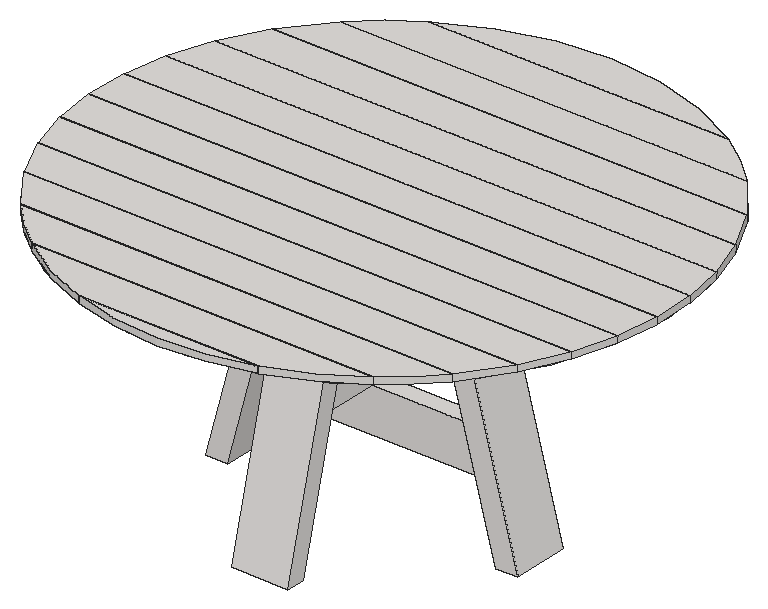
Revit family "MESA JANTAR TRAVESSÃO REDONDA - D160", category Modelos genéricos, Revit 2024
Family settings
  Pode hospedar o vergalhão = Não
  Cota do conector redondo = Utilizar diâmetro
  Tipo de parte = Normal
  Com base no plano de trabalho = Não
  Sempre na vertical = Não
  Corte com vazios quando carregada = Não
  Manter orientação da anotação = Não
  Compartilhado = Não
  Ponto de cálculo do ambiente = Não
Parameters
  Elevação padrão = 0 m
Reference planes (m)
  plane 1 "Centro (Frente/Trás)": y = 0
  plane 2: z = -0.179952
  plane 3 "Centro (Esquerda/Direita)": x = 0
Forms (m)
  Extrusion 1, solid, material ".LR-FREIJO"
    sketch origin (6.277842, 5.21521, 0.534214) x (1, 0, 0) y (0, 1, 0)
      loop
        circle (2.831525, -0.013413) r 0.550003
    from -0.010938 to 0.03151
  Extrusion 2, solid, not visible
    sketch origin (5.57069, 0.492169, 0) x (0, 1, 0) y (0, 0, 1)
      loop
        line (-0.937513, 0.010937) -> (-0.884304, 0.010937) -> (-0.628349, 0.714166) -> (-0.681558, 0.714166) -> (-0.937513, 0.010937)
    from 0 to 0.16
  Extrusion 3, solid, not visible
    sketch origin (5.57069, -0.492169, 0) x (0, -1, 0) y (0, 0, -1)
      loop
        line (-0.937513, -0.010937) -> (-0.681558, -0.714166) -> (-0.628349, -0.714166) -> (-0.884304, -0.010937) -> (-0.937513, -0.010937)
    from 0 to 0.16
  Extrusion 4, solid, not visible
    sketch origin (5.71069, 0, 0) x (0, 1, 0) y (0, 0, 1)
      loop
        line (-0.169325, 0.714166) -> (-0.169325, 0.664166) -> (0.181228, 0.664166) -> (0.181228, 0.714166) -> (-0.169325, 0.714166)
    from -0.14 to 0.02
  Extrusion 5, solid, not visible
    sketch origin (5.67069, 0, -0.5) x (0, 1, 0) y (0, 0, 1)
      loop
        line (-0.318772, 0.84788) -> (-0.318772, 0.72788) -> (0.318938, 0.72788) -> (0.318938, 0.84788) -> (-0.318772, 0.84788)
    from -0.04 to 0.02
  Extrusion 6, solid, not visible
    sketch origin (5.1, 0.015, -0.4) x (-1, 0, 0) y (0, 0, 1)
      loop
        line (-2.315001, 0.855004) -> (-2.315001, 0.695806) -> (0.741492, 0.695806) -> (0.741492, 0.855004) -> (-2.315001, 0.855004)
    from -0.04 to 0.01
  Extrusion 7, solid, material ".LR-FREIJO"
    sketch origin (8.347613, 5.246919, -0.19089) x (0, 1, 0) y (0, 0, 1)
      loop
        line (-0.125, 0.714166) -> (-0.125, 0.654166) -> (0.035, 0.654166) -> (0.035, 0.714166) -> (-0.125, 0.714166)
    from 0.544966 to 0.991756
  Extrusion 8, solid, not visible
    sketch origin (9.464514, 5.121919, -0.097273) x (-0.996195, 0, 0.087156) y (0.087156, 0, 0.996195)
      loop
        line (-0.948154, 0.010937) -> (-0.886274, 0.005524) -> (-0.637271, 0.689654) -> (-0.699151, 0.695068) -> (-0.948154, 0.010937)
    from 0 to 0.16
  Extrusion 9, solid, not visible
    sketch origin (8.796874, 5.121919, -0.179952) x (1, 0, 0) y (0, 0, -1)
      loop
        line (-0.948154, -0.010937) -> (-0.6922, -0.714166) -> (-0.628349, -0.714166) -> (-0.884304, -0.010937) -> (-0.948154, -0.010937)
    from 0 to 0.16
  Extrusion 10, solid, not visible
    sketch origin (8.347613, 5.246919, -0.179952) x (0, 1, 0) y (0, 0, 1)
      loop
        line (-0.125, 0.714166) -> (-0.125, 0.654166) -> (0.035, 0.654166) -> (0.035, 0.714166) -> (-0.125, 0.714166)
    from -0.214028 to 1.773517
  Extrusion 11, solid, not visible
    sketch origin (8.377613, 5.691473, -0.109138) x (0, 0.996195, 0.087156) y (0, -0.087156, 0.996195)
      loop
        line (-0.937513, 0.010937) -> (-0.885946, 0.006426) -> (-0.636943, 0.690556) -> (-0.688509, 0.695068) -> (-0.937513, 0.010937)
    from 0 to 0.16
  Extrusion 12, solid, not visible
    sketch origin (8.517613, 5.201919, -0.19089) x (0, 1, 0) y (0, 0, 1)
      loop
        line (-0.249325, 0.714166) -> (-0.249325, 0.654166) -> (0.234295, 0.654166) -> (0.234295, 0.714166) -> (-0.249325, 0.714166)
    from -0.14 to 0.02
  Extrusion 13, solid, not visible
    sketch origin (8.467613, 5.201919, -0.614603) x (0, 1, 0) y (0, 0, 1)
      loop
        line (-0.334619, 0.84788) -> (-0.366773, 0.72788) -> (0.366773, 0.72788) -> (0.334619, 0.84788) -> (-0.334619, 0.84788)
    from -0.04 to 0.02
  Extrusion 14, solid, not visible
    sketch origin (8.377613, 4.712364, -0.109138) x (0, -0.996195, 0.087156) y (0, -0.087156, -0.996195)
      loop
        line (-0.937513, -0.010937) -> (-0.688509, -0.695068) -> (-0.636943, -0.690556) -> (-0.885946, -0.006426) -> (-0.937513, -0.010937)
    from 0 to 0.16
  Sweep 15, solid, material ".LR-FREIJO"
    path origin (6.194771, 3.627037, 0) x (1, 0, 0) y (0, 1, 0)
      loop
        circle (2.914595, 1.57476) r 0.55
    profile origin (9.109366, 5.751797, 0) x (0, -1, 0) y (0, 0, 1)
      loop
        line (-0.000003, 0.523277) -> (-0.000003, 0.565725) -> (-0.250003, 0.565725) -> (-0.000003, 0.523277)
  Extrusion 16, solid, material ".LR-FREIJO"
    sketch origin (9.169366, 5.201919, -0.19089) x (0, 1, 0) y (0, 0, 1)
      loop
        line (-0.229881, 0.714166) -> (-0.229881, 0.654166) -> (-0.08, 0.654166) -> (-0.08, 0.714166) -> (-0.229881, 0.714166)
      loop
        line (0.223344, 0.654166) -> (0.223344, 0.714166) -> (0.08, 0.714166) -> (0.08, 0.654166) -> (0.223344, 0.654166)
    from -0.14 to 0.02
  Extrusion 17, solid, material ".LR-FREIJO"
    sketch origin (6.277842, 5.21521, 0.576662) x (1, 0, 0) y (0, 1, 0)
      loop
        arc (3.251334, 0.66759) -> (2.831525, 0.78659) -> (2.411716, 0.66759) r 0.800003
        line (2.411716, 0.66759) -> (3.251334, 0.66759)
    from -0.010938 to 0.007562
  Extrusion 18, solid, material ".LR-FREIJO"
    sketch origin (6.277842, 5.09521, 0.576662) x (1, 0, 0) y (0, 1, 0)
      loop
        arc (2.410098, 0.78659) -> (2.332088, 0.731541) -> (2.261191, 0.66759) r 0.800003
        line (2.261191, 0.66759) -> (3.401858, 0.66759)
        arc (3.401858, 0.66759) -> (3.330962, 0.731541) -> (3.252952, 0.78659) r 0.800003
        line (3.252952, 0.78659) -> (2.410098, 0.78659)
    from -0.010938 to 0.007562
  Extrusion 19, solid, material ".LR-FREIJO"
    sketch origin (6.277842, 4.97521, 0.576662) x (1, 0, 0) y (0, 1, 0)
      loop
        arc (2.260209, 0.78659) -> (2.209279, 0.729394) -> (2.164051, 0.66759) r 0.800003
        line (2.164051, 0.66759) -> (3.498998, 0.66759)
        arc (3.498998, 0.66759) -> (3.453771, 0.729394) -> (3.40284, 0.78659) r 0.800003
        line (3.40284, 0.78659) -> (2.260209, 0.78659)
    from -0.010938 to 0.007562
  Extrusion 20, solid, material ".LR-FREIJO"
    sketch origin (6.277842, 4.85521, 0.576662) x (1, 0, 0) y (0, 1, 0)
      loop
        arc (2.163392, 0.78659) -> (2.128547, 0.72846) -> (2.098748, 0.66759) r 0.800003
        line (2.098748, 0.66759) -> (3.564301, 0.66759)
        arc (3.564301, 0.66759) -> (3.534502, 0.72846) -> (3.499658, 0.78659) r 0.800003
        line (3.499658, 0.78659) -> (2.163392, 0.78659)
    from -0.010938 to 0.007562
  Extrusion 21, solid, material ".LR-FREIJO"
    sketch origin (6.277842, 4.73521, 0.576662) x (1, 0, 0) y (0, 1, 0)
      loop
        arc (2.098311, 0.78659) -> (2.075403, 0.7279) -> (2.057185, 0.66759) r 0.800003
        line (2.057185, 0.66759) -> (3.605865, 0.66759)
        arc (3.605865, 0.66759) -> (3.587646, 0.7279) -> (3.564739, 0.78659) r 0.800003
        line (3.564739, 0.78659) -> (2.098311, 0.78659)
    from -0.010938 to 0.007562
  Extrusion 22, solid, material ".LR-FREIJO"
    sketch origin (6.277842, 4.61521, 0.576662) x (1, 0, 0) y (0, 1, 0)
      loop
        arc (2.056926, 0.78659) -> (2.044029, 0.727493) -> (2.035634, 0.66759) r 0.800003
        line (2.035634, 0.66759) -> (3.627416, 0.66759)
        arc (3.627416, 0.66759) -> (3.619021, 0.727493) -> (3.606124, 0.78659) r 0.800003
        line (3.606124, 0.78659) -> (2.056926, 0.78659)
    from -0.010938 to 0.007562
  Extrusion 23, solid, material ".LR-FREIJO"
    sketch origin (6.277842, 4.49521, 0.576662) x (1, 0, 0) y (0, 1, 0)
      loop
        arc (2.035532, 0.78659) -> (2.031786, 0.727147) -> (2.032473, 0.66759) r 0.800003
        line (2.032473, 0.66759) -> (3.630576, 0.66759)
        arc (3.630576, 0.66759) -> (3.631263, 0.727147) -> (3.627517, 0.78659) r 0.800003
        line (3.627517, 0.78659) -> (2.035532, 0.78659)
    from -0.010938 to 0.007562
  Extrusion 24, solid, material ".LR-FREIJO"
    sketch origin (6.277842, 4.37521, 0.576662) x (1, 0, 0) y (0, 1, 0)
      loop
        arc (2.032523, 0.78659) -> (2.037769, 0.726809) -> (2.047481, 0.66759) r 0.800003
        line (2.047481, 0.66759) -> (3.615568, 0.66759)
        arc (3.615568, 0.66759) -> (3.625281, 0.726809) -> (3.630527, 0.78659) r 0.800003
        line (3.630527, 0.78659) -> (2.032523, 0.78659)
    from -0.010938 to 0.007562
  Extrusion 25, solid, material ".LR-FREIJO"
    sketch origin (6.277842, 4.25521, 0.576662) x (1, 0, 0) y (0, 1, 0)
      loop
        arc (2.047685, 0.78659) -> (2.062412, 0.72643) -> (2.081748, 0.66759) r 0.800003
        line (2.081748, 0.66759) -> (3.581301, 0.66759)
        arc (3.581301, 0.66759) -> (3.600638, 0.72643) -> (3.615365, 0.78659) r 0.800003
        line (3.615365, 0.78659) -> (2.047685, 0.78659)
    from -0.010938 to 0.007562
  Extrusion 26, solid, material ".LR-FREIJO"
    sketch origin (6.277842, 4.13521, 0.576662) x (1, 0, 0) y (0, 1, 0)
      loop
        arc (2.082121, 0.78659) -> (2.107673, 0.725937) -> (2.138124, 0.66759) r 0.800003
        line (2.138124, 0.66759) -> (3.524926, 0.66759)
        arc (3.524926, 0.66759) -> (3.555377, 0.725937) -> (3.580928, 0.78659) r 0.800003
        line (3.580928, 0.78659) -> (2.082121, 0.78659)
    from -0.010938 to 0.007562
  Extrusion 27, solid, material ".LR-FREIJO"
    sketch origin (6.277842, 4.01521, 0.576662) x (1, 0, 0) y (0, 1, 0)
      loop
        arc (2.1387, 0.78659) -> (2.177995, 0.725174) -> (2.222718, 0.66759) r 0.800003
        line (2.222718, 0.66759) -> (3.440332, 0.66759)
        arc (3.440332, 0.66759) -> (3.485055, 0.725174) -> (3.52435, 0.78659) r 0.800003
        line (3.52435, 0.78659) -> (2.1387, 0.78659)
    from -0.010938 to 0.007562
  Extrusion 28, solid, material ".LR-FREIJO"
    sketch origin (6.277842, 3.89521, 0.576662) x (1, 0, 0) y (0, 1, 0)
      loop
        arc (2.223572, 0.78659) -> (2.283639, 0.723642) -> (2.350186, 0.66759) r 0.800003
        line (2.350186, 0.66759) -> (3.312863, 0.66759)
        arc (3.312863, 0.66759) -> (3.379411, 0.723642) -> (3.439478, 0.78659) r 0.800003
        line (3.439478, 0.78659) -> (2.223572, 0.78659)
    from -0.010938 to 0.007562
  Extrusion 29, solid, material ".LR-FREIJO"
    sketch origin (6.277842, 3.77521, 0.576662) x (1, 0, 0) y (0, 1, 0)
      loop
        arc (2.351517, 0.78659) -> (2.460302, 0.717928) -> (2.578686, 0.66759) r 0.800003
        line (2.578686, 0.66759) -> (3.084363, 0.66759)
        arc (3.084363, 0.66759) -> (3.202747, 0.717928) -> (3.311533, 0.78659) r 0.800003
        line (3.311533, 0.78659) -> (2.351517, 0.78659)
    from -0.010938 to 0.007562
  Extrusion 30, solid, material ".LR-FREIJO"
    sketch origin (6.277842, 3.65521, 0.576662) x (1, 0, 0) y (0, 1, 0)
      loop
        arc (2.581708, 0.78659) -> (2.831525, 0.746585) -> (3.081341, 0.78659) r 0.800003
        line (3.081341, 0.78659) -> (2.581708, 0.78659)
    from -0.010938 to 0.007562
  Extrusion 31, solid, material ".LR-FREIJO"
    sketch origin (9.616434, 5.121919, -0.108211) x (0.996195, 0, 0.087156) y (0.087156, 0, -0.996195)
      loop
        line (-0.948154, -0.010937) -> (-0.699151, -0.695068) -> (-0.637271, -0.689654) -> (-0.886274, -0.005524) -> (-0.948154, -0.010937)
    from 0 to 0.16
  Extrusion 32, solid, material ".LR-FREIJO"
    sketch origin (8.602299, 5.121919, -0.108211) x (-0.996195, 0, 0.087156) y (0.087156, 0, 0.996195)
      loop
        line (-0.948154, 0.010937) -> (-0.886274, 0.005524) -> (-0.637271, 0.689654) -> (-0.699151, 0.695068) -> (-0.948154, 0.010937)
    from 0 to 0.16
  Extrusion 33, solid, material ".LR-FREIJO"
    sketch origin (9.029366, 4.705331, -0.109138) x (0, -0.996195, 0.087156) y (0, -0.087156, -0.996195)
      loop
        line (-0.937513, -0.010937) -> (-0.688509, -0.695068) -> (-0.636943, -0.690556) -> (-0.885946, -0.006426) -> (-0.937513, -0.010937)
    from 0 to 0.16
  Extrusion 34, solid, material ".LR-FREIJO"
    sketch origin (8.322612, 5.216919, -0.699952) x (-1, 0, 0) y (0, 0, 1)
      loop
        line (-1.082686, 0.82) -> (-1.115963, 0.695806) -> (-0.457546, 0.695806) -> (-0.490824, 0.82) -> (-1.082686, 0.82)
    from -0.04 to 0.01
  Extrusion 35, solid, material ".LR-FREIJO"
    sketch origin (9.119366, 5.201919, -0.567832) x (0, 1, 0) y (0, 0, 1)
      loop
        line (-0.26329, 0.84788) -> (-0.295444, 0.72788) -> (0.295444, 0.72788) -> (0.26329, 0.84788) -> (-0.26329, 0.84788)
    from -0.04 to 0.02
  Extrusion 36, solid, material ".LR-FREIJO"
    sketch origin (9.029366, 5.698507, -0.109138) x (0, 0.996195, 0.087156) y (0, -0.087156, 0.996195)
      loop
        line (-0.937513, 0.010937) -> (-0.885946, 0.006426) -> (-0.636943, 0.690556) -> (-0.688509, 0.695068) -> (-0.937513, 0.010937)
    from 0 to 0.16
Cuts and joins
  joined: Extrusion 16, Extrusion 33, Extrusion 36
  joined: Extrusion 7, Extrusion 31, Extrusion 32
Lines and regions (m)
  symbolic lines
    curve 1: line (0.025, 0, 0.264214) -> (0.025, 0, 0.164214)
    curve 2: line (0.025, 0, 0.164214) -> (0, 0, 0.164214)
    curve 3: line (-0.025, 0, 0.264214) -> (-0.025, 0, 0.164214)
    curve 4: line (-0.025, 0, 0.164214) -> (0, 0, 0.164214)
  symbolic lines, style "GenericModelHiddenLines"
    curve 5: line (-1.67, 5.951243, 0.573277) -> (-1.67, 4.452594, 0.573277)
    curve 22: line (19.888743, 5.951243, 0.573277) -> (19.888743, 4.452594, 0.573277)
    curve 23: line (0, 5.951243, 0.68911) -> (0, 4.452594, 0.68911)
  symbolic lines, style "GenericModelHiddenLines", not visible
    curve 6: line (-4.476923, 0.749325, 0.764166) -> (-4.476923, 0.749325, 0)
    curve 7: line (-4.476923, 0.749325, 0.24) -> (-4.476923, 0.449325, 0.24)
    curve 8: line (-4.476923, 0.449325, 0.24) -> (-4.476923, 0.449325, -0.06)
    curve 9: line (-4.476923, 0, 0) -> (-4.476923, 0, 1.02)
    curve 10: line (-4.476923, 0.749325, 0.764166) -> (-4.476923, -0.749325, 0.764166)
    curve 11: line (-4.476923, -0.749325, 0.764166) -> (-4.476923, -0.749325, 0)
    curve 12: line (-4.476923, -0.449325, 0.24) -> (-4.476923, -0.449325, -0.06)
    curve 13: line (10.859372, 0, 1.110985) -> (10.859372, 0, -0.169015)
    curve 14: line (10.859372, 0, 0.850985) -> (7.359372, 0, 0.850985)
    curve 15: line (7.359372, 0, 1.110985) -> (7.359372, 0, -0.149015)
    curve 16: line (10.899372, 0, -0.169015) -> (10.399372, 0, -0.169015)
    curve 17: line (10.399372, 0, -0.169015) -> (10.399372, 0, -0.089015)
    curve 18: line (5.63069, -5.201919, 0.34788) -> (5.69069, -5.201919, 0.34788)
    curve 19: line (5.63069, -5.201919, 0.22788) -> (5.63069, -5.201919, 0.34788)
    curve 20: line (5.69069, -5.201919, 0.22788) -> (5.63069, -5.201919, 0.22788)
    curve 21: line (5.69069, -5.201919, 0.34788) -> (5.69069, -5.201919, 0.22788)
Dimensions and locks (m)
  level to Extrusion 1 = 0.703229 m  (x2)
  aligned and locked: level to plane 2
